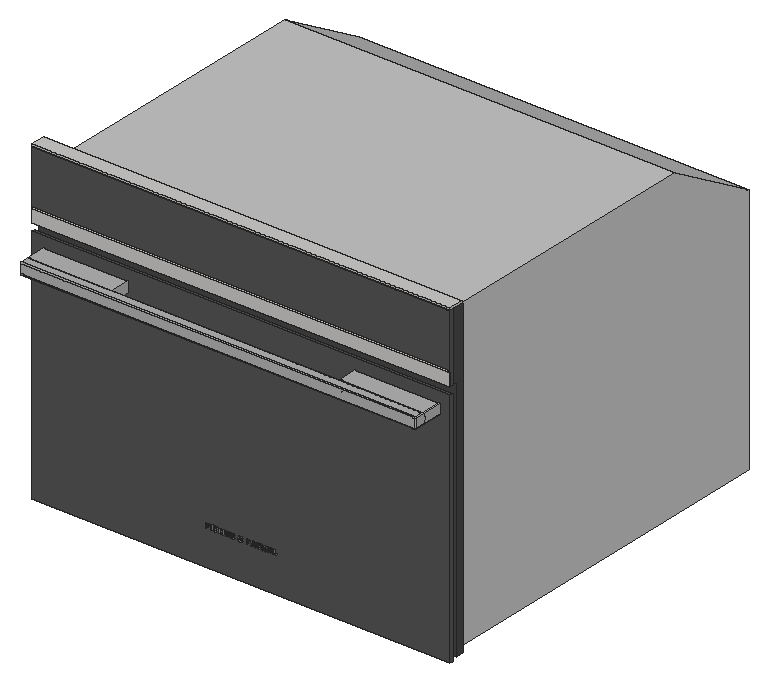
Revit family "FP_Revit_18_OM24NDB1_Microwave_Oven_90000811A", category Specialty Equipment, Revit 2018
Family settings
  Round Connector Dimension = Use Diameter
  Part Type = Normal
  OmniClass Number = 23.40.40.14.17.31
  OmniClass Title = Small Specialized Cooking Equipment
  Work Plane-Based = No
  Always vertical = Yes
  Cut with Voids When Loaded = Yes
  Shared = No
  Room Calculation Point = No
Parameters (values of type "OM24NDB1")
  Visibility - Clearance Required = yes
  URL = "www.fisherpaykel.com"
  Product - Width = 596 mm  # constant formula
  Product - Height = 458 mm  # constant formula
  Product - Depth = 562 mm  # constant formula
  Model = "OM24NDB1"
  Material - Trim = Fisher & Paykel - Stainless Steel
  Material - Structure = Fisher & Paykel - Black
  Material - Handle = Fisher & Paykel - Aluminium
  Material - Glass = Fisher & Paykel - Glass, Black
  Material - Body = Fisher & Paykel - Grey
  Manufacturer = "Fisher & Paykel Appliances"
  FFL Offset [instance] = 860 mm
  Description = "24\" Microwave Oven"
  Connector Description - Electrical = "120/240 V or 12/208 V, 60 Hz, 13 or 14 A"
  Chassis - Width = 556 mm  # constant formula
  Chassis - Height = 446 mm  # constant formula
  Chassis - Depth = 540 mm  # constant formula
  Cavity - Width = 560 mm  # constant formula
  Cavity - Height = 460 mm  # constant formula
  Cavity - Depth = 560 mm  # constant formula
Reference planes
  plane 1 "Center (Front/Back)": y = 0
  plane 2: z = 0
  plane 3 "Center (Left/Right)": x = 0
  plane 4: z = 1320
  plane 5: z = 1318
  plane 6 "Product LHS": x = -298
  plane 7 "Product RHS": x = 298
  plane 8 "Product - Depth": y = 0
  plane 9 "Cavity LHS": x = -300
  plane 10 "Cavity RHS": x = 300
  plane 11 "Cavity - Depth": y = 560
  plane 12 "Front Face": y = -22
  plane 13 "Chassis - Height": z = 0
  plane 14 "Product Depth": y = 540
  plane 15 "FFL Offset": z = 860
Forms (mm)
  Extrusion 1, solid, material "Fisher & Paykel - Grey" <- "Material - Body"
    sketch origin (0, 0, 0) x (0, 1, 0) y (0, 0, 1)
      loop
        line (0, 1306) -> (0, 867.28) -> (5.16, 867.28) -> (5.16, 860) -> (534.187, 860) -> (534.187, 1217.991) -> (403.295, 1296.64) -> (24.316, 1296.64) -> (8.71, 1306) -> (0, 1306)
    from -278 to 278
  Extrusion 2, solid, material "Fisher & Paykel - Black" <- "Material - Structure", detail levels fine
    sketch origin (0, 0, 0) x (0, 1, 0) y (0, 0, 1)
      loop
        line (0, 1313.9) -> (-2, 1313.9) -> (-2, 1315) -> (-18, 1315) -> (-18, 1218) -> (-9.89, 1218) -> (-9.89, 867.28) -> (0, 867.28) -> (0, 1313.9)
    from -298 to 298
  Extrusion 3, solid, material "Fisher & Paykel - Stainless Steel" <- "Material - Trim", detail levels fine
    sketch origin (0, 0, 0) x (0, 1, 0) y (0, 0, 1)
      loop
        line (-22, 1318) -> (-22, 1315) -> (-2, 1315) -> (-2, 1318) -> (-22, 1318)
    from -298 to 298
  Extrusion 4, solid, material "Fisher & Paykel - Glass, Black" <- "Material - Glass", detail levels fine
    sketch origin (0, 0, 0) x (0, 1, 0) y (0, 0, 1)
      loop
        line (-18, 1315) -> (-20.262, 1315)
        arc (-20.262, 1315) -> (-21.236, 1314.682) -> (-22, 1314) r 2.5
        line (-22, 1314) -> (-22, 1218) -> (-18, 1218) -> (-18, 1315)
    from -298 to 298
  Extrusion 5, solid, material "Fisher & Paykel - Glass, Black" <- "Material - Glass", detail levels fine
    sketch origin (0, 0, 0) x (0, 1, 0) y (0, 0, 1)
      loop
        line (-22, 1206.53) -> (-22, 864.53) -> (-18, 864.53) -> (-18, 1206.53) -> (-22, 1206.53)
    from -298 to 298
  Extrusion 6, solid, material "Fisher & Paykel - Black" <- "Material - Structure", detail levels fine
    sketch origin (0, 0, 0) x (0, 1, 0) y (0, 0, 1)
      loop
        line (-18, 1189.33) -> (-18, 867.28) -> (-9.89, 867.28) -> (-9.89, 1189.33) -> (-18, 1189.33)
    from -278 to 278
  Extrusion 7, void
    sketch origin (0, 0, 0) x (1, 0, 0) y (0, 0, 1)
      loop
        line (-158.462, 1012.91) -> (-229.24, 1012.91)
        arc (-229.24, 1012.91) -> (-232.776, 1011.446) -> (-234.24, 1007.91) r 5
        line (-234.24, 1007.91) -> (-234.24, 915.13)
        arc (-234.24, 915.13) -> (-232.776, 911.594) -> (-229.24, 910.13) r 5
        line (-229.24, 910.13) -> (-158.462, 910.13)
        arc (-158.462, 910.13) -> (-154.926, 911.594) -> (-153.462, 915.13) r 5
        line (-153.462, 915.13) -> (-153.462, 1007.91)
        arc (-153.462, 1007.91) -> (-154.926, 1011.446) -> (-158.462, 1012.91) r 5
    from -539.6 to -521.6
  Sweep 8, void
    path in 3D
      loop
        arc (-153.462, 521.6, 915.13) -> (-154.926, 521.6, 911.594) -> (-158.462, 521.6, 910.13) r 5
        line (-158.462, 521.6, 910.13) -> (-229.24, 521.6, 910.13)
        arc (-229.24, 521.6, 910.13) -> (-232.776, 521.6, 911.594) -> (-234.24, 521.6, 915.13) r 5
        line (-234.24, 521.6, 915.13) -> (-234.24, 521.6, 1007.91)
        arc (-234.24, 521.6, 1007.91) -> (-232.776, 521.6, 1011.446) -> (-229.24, 521.6, 1012.91) r 5
        line (-229.24, 521.6, 1012.91) -> (-158.462, 521.6, 1012.91)
        arc (-158.462, 521.6, 1012.91) -> (-154.926, 521.6, 1011.446) -> (-153.462, 521.6, 1007.91) r 5
        line (-153.462, 521.6, 1007.91) -> (-153.462, 521.6, 915.13)
    profile origin (-153.462, 521.6, 961.52) x (-1, 0, 0) y (0, -1, 0)
      loop
        line (0, 0) -> (-21.3, -12.587) -> (0, -12.587) -> (0, 0)
  Extrusion 9, solid, material "Fisher & Paykel - Grey" <- "Material - Body", detail levels medium+fine
    sketch origin (0, 0, -140) x (1, 0, 0) y (0, 0, 1)
      loop
        line (-175.354, 1115.273) -> (-212.354, 1115.273) -> (-212.354, 1057.273) -> (-175.354, 1057.273) -> (-175.354, 1115.273)
    from -540 to -521.6
  Extrusion 10, solid, material "Fisher & Paykel - Stainless Steel" <- "Material - Trim", detail levels fine
    sketch origin (0, 0, 0) x (0, 1, 0) y (0, 0, 1)
      loop
        line (-22, 1218) -> (-22, 1237.8) -> (-22.8, 1237.8) -> (-23.7, 1235.5) -> (-23.7, 1218) -> (-22, 1218)
    from -298 to 298
  Extrusion 11, solid, material "Fisher & Paykel - Clearance Required", visible <- "Visibility - Clearance Required", detail levels coarse
    sketch origin (0, 0, 0) x (1, 0, 0) y (0, 1, 0)
      loop
        line (-280, 0) -> (280, 0) -> (280, 548.619) -> (-280, 548.619) -> (-280, 0)
    from 860 to 1320
  Extrusion 12, solid, material "Fisher & Paykel - Clearance Required", visible <- "Visibility - Clearance Required", detail levels coarse
    sketch origin (0, 0, 0) x (0, 1, 0) y (0, 0, 1)
      loop
        arc (-22, 1206.53) -> (-241.159, 1121.206) -> (-341.563, 908.532) r 317.644
        line (-341.563, 908.532) -> (-326.406, 906.445) -> (-332.106, 865.048) -> (-316.871, 862.951) -> (-311.171, 904.347) -> (-22, 864.53) -> (-22, 860) -> (0, 860) -> (0, 1320) -> (-22, 1320) -> (-22, 1206.53)
    from -300 to 300
  Sweep 13, solid, material "Fisher & Paykel - Grey" <- "Material - Body", detail levels fine
    path origin (0, 0, -140) x (0, 1, 0) y (0, 0, 1)
      loop
        arc (530.8, 1057.273) -> (536.019, 1044.673) -> (548.619, 1039.454) r 17.819
    profile origin (0, 536.019, 904.673) x (0, 0.707107, 0.707107) y (1, 0, 0)
      loop
        circle (0, -193.854) r 5
  Extrusion 14, solid, material "Fisher & Paykel - Glass, Black" <- "Material - Glass", detail levels coarse+medium
    sketch origin (0, 0, 0) x (0, 1, 0) y (0, 0, 1)
      loop
        line (-22, 1318) -> (-22, 1218) -> (-9.89, 1218) -> (-9.89, 1189.33) -> (-18, 1189.33) -> (-18, 1206.53) -> (-22, 1206.53) -> (-22, 864.53) -> (-18, 864.53) -> (-18, 867.28) -> (0, 867.28) -> (0, 1313.9) -> (-2, 1313.9) -> (-2, 1318) -> (-22, 1318)
    from -298 to 298
  Extrusion 15, solid, material "Fisher & Paykel - Grey" <- "Material - Body", not visible, detail levels medium+fine
    sketch origin (0, 0, 0) x (1, 0, 0) y (0, 0, 1)
      loop
        line (-175.354, 1115.273) -> (-212.354, 1115.273) -> (-212.354, 1057.273) -> (-175.354, 1057.273) -> (-175.354, 1115.273)
    from -540 to -521.6
  Sweep 16, solid, material "Fisher & Paykel - Grey" <- "Material - Body", not visible, detail levels fine
    path origin (0, 0, 0) x (0, 1, 0) y (0, 0, 1)
      loop
        arc (530.8, 1057.273) -> (536.019, 1044.673) -> (548.619, 1039.454) r 17.819
    profile origin (0, 536.019, 1044.673) x (0, 0.707107, 0.707107) y (1, 0, 0)
      loop
        circle (0, -193.854) r 5
  Extrusion 17, void
    sketch origin (0, 0, 0) x (1, 0, 0) y (0, 1, 0)
      loop
        line (-280, 0) -> (280, 0) -> (280, 548.619) -> (-280, 548.619) -> (-280, 0)
    from 860 to 1320
  Extrusion 18, solid, material "Fisher & Paykel - Clearance Required", visible <- "Visibility - Clearance Required", detail levels coarse
    sketch origin (0, 0, 0) x (0, 1, 0) y (0, 0, 1)
      loop
        arc (-22, 1206.53) -> (-241.159, 1121.206) -> (-341.563, 908.532) r 317.644
        line (-341.563, 908.532) -> (-326.406, 906.445) -> (-332.106, 865.048) -> (-316.871, 862.951) -> (-311.171, 904.347) -> (-22, 864.53) -> (-22, 860) -> (0, 860) -> (0, 1320) -> (-22, 1320) -> (-22, 1206.53)
    from -300 to 300
  Extrusion 19, void
    sketch origin (0, 0, 0) x (0, 1, 0) y (0, 0, 1)
      loop
        line (-22, 1320) -> (-22, 860) -> (0, 860) -> (0, 1320) -> (-22, 1320)
    from -300 to 300
Cuts and joins
  Extrusion 7, Sweep 8 cuts Extrusion 1
  Extrusion 7 cuts Extrusion 2
  Extrusion 7 cuts Extrusion 5
  Extrusion 7 cuts Extrusion 6
Lines and regions (mm)
  sketch lines
    curve 1: line (-153.462, 521.6, 1007.91) -> (-153.462, 521.6, 915.13)
    curve 2: arc (-153.462, 521.6, 1007.91) -> (-154.926, 521.6, 1011.446) -> (-158.462, 521.6, 1012.91) r 5
    curve 3: line (-229.24, 521.6, 1012.91) -> (-158.462, 521.6, 1012.91)
    curve 4: arc (-229.24, 521.6, 1012.91) -> (-232.776, 521.6, 1011.446) -> (-234.24, 521.6, 1007.91) r 5
    curve 5: line (-234.24, 521.6, 915.13) -> (-234.24, 521.6, 1007.91)
    curve 6: arc (-234.24, 521.6, 915.13) -> (-232.776, 521.6, 911.594) -> (-229.24, 521.6, 910.13) r 5
    curve 7: arc (-158.462, 521.6, 910.13) -> (-154.926, 521.6, 911.594) -> (-153.462, 521.6, 915.13) r 5
    curve 8: line (-158.462, 521.6, 910.13) -> (-229.24, 521.6, 910.13)
Text (mm)
  text "Due to ongoing product development, product details are subject to change without notice. \nPlease always refer to www.fisherpaykel.com for the most current product information. \n© Fisher & Paykel 2020" at (41.04, -413.295, 0), in view "Ref. Level (Plan)"
Dimensions and locks
  equal spacing: plane 6 "Product LHS", plane 3 "Center (Left/Right)", plane 7 "Product RHS"
  "Product - Width": plane 6 "Product LHS" to plane 7 "Product RHS"
  equal spacing: plane 9 "Cavity LHS", plane 3 "Center (Left/Right)", plane 10 "Cavity RHS"
  locked: plane 9 "Cavity LHS" to plane 10 "Cavity RHS" at 600
  "Cavity - Depth": plane 11 "Cavity - Depth" to plane 1 "Center (Front/Back)"
  locked: plane 12 "Front Face" to plane 1 "Center (Front/Back)" at 22
  "Chassis - Depth": plane 1 "Center (Front/Back)" to plane 14 "Product Depth"
  Extrusion 1 sketch curve to plane 14 "Product Depth" = 5.813 mm
  equal spacing: cut or joined group of Extrusion 1, Extrusion 7, Sweep 8, plane 3 "Center (Left/Right)", cut or joined group of Extrusion 1, Extrusion 7, Sweep 8
  "Chassis - Width": cut or joined group of Extrusion 1, Extrusion 7, Sweep 8 to cut or joined group of Extrusion 1, Extrusion 7, Sweep 8
  "FFL Offset": plane 15 "FFL Offset" to level
  locked: nested 2 to plane 15 "FFL Offset" at 61.04
  locked: cut or joined group of Extrusion 1, Extrusion 7, Sweep 8 to plane 15 "FFL Offset" at 7.28
  locked: Extrusion 14 to plane 15 "FFL Offset" at 4.53
  locked: cut or joined group of Extrusion 1, Extrusion 7, Sweep 8 to plane 15 "FFL Offset" at 436.64
  "Chassis - Height": cut or joined group of Extrusion 1, Extrusion 7, Sweep 8 to plane 15 "FFL Offset"
  Extrusion 11 to plane 15 "FFL Offset" = 460 mm
  locked: plane 15 "FFL Offset" to Extrusion 9 at 57.273
  locked: plane 15 "FFL Offset" to cut or joined group of Extrusion 1, Extrusion 7, Sweep 8 at 50.13
  "Product - Height": plane 5 to plane 15 "FFL Offset"
  "Cavity - Height": plane 4 to plane 15 "FFL Offset"
  locked: nested 1 to plane 15 "FFL Offset" at 330.978
  locked: plane 5 to Extrusion 14 at 100
  locked: plane 5 to Extrusion 14 at 111.47
  locked: Extrusion 12 sketch curve to plane 15 "FFL Offset" at 4.53
  locked: plane 15 "FFL Offset" to Extrusion 7 sketch curve at 152.91
  locked: plane 15 "FFL Offset" to Extrusion 7 sketch curve at 50.13
  "Cavity - Width": Extrusion 17 to Extrusion 17
  aligned and locked: level to plane 2
  aligned and locked: Extrusion 3 sketch curve to plane 5
  aligned and locked: plane 6 "Product LHS" to Extrusion 5
  aligned and locked: Extrusion 5 to plane 7 "Product RHS"
  aligned and locked: Extrusion 4 to plane 7 "Product RHS"
  aligned and locked: plane 6 "Product LHS" to Extrusion 4
  aligned and locked: plane 6 "Product LHS" to Extrusion 3
  aligned and locked: Extrusion 3 to plane 7 "Product RHS"
  aligned and locked: plane 6 "Product LHS" to Extrusion 2
  aligned and locked: Extrusion 2 to plane 7 "Product RHS"
  aligned and locked: plane 14 "Product Depth" to Extrusion 9
  aligned and locked: cut or joined group of Extrusion 1, Extrusion 7, Sweep 8 to Extrusion 9
  aligned and locked: Extrusion 10 to plane 7 "Product RHS"
  aligned and locked: plane 6 "Product LHS" to Extrusion 10
  aligned and locked: Extrusion 14 to plane 7 "Product RHS"
  aligned and locked: plane 6 "Product LHS" to Extrusion 14
  aligned and locked: Extrusion 1 to plane 15 "FFL Offset"
  aligned and locked: Extrusion 11 to cut or joined group of Extrusion 1, Extrusion 7, Sweep 8
  aligned and locked: Extrusion 14 to cut or joined group of Extrusion 1, Extrusion 7, Sweep 8
  aligned and locked: Extrusion 2 to cut or joined group of Extrusion 1, Extrusion 7, Sweep 8
  aligned and locked: Extrusion 6 to cut or joined group of Extrusion 1, Extrusion 7, Sweep 8
  aligned and locked: plane 5 to Extrusion 3
  aligned and locked: plane 5 to Extrusion 14
  aligned and locked: Extrusion 10 to Extrusion 4
  aligned and locked: Extrusion 14 to Extrusion 4
  aligned and locked: Extrusion 4 to cut or joined group of Extrusion 2, Extrusion 7
  aligned and locked: Extrusion 5 to Extrusion 14  (x2)
  aligned and locked: plane 4 to Extrusion 11
  aligned and locked: Extrusion 11 to Sweep 13
  aligned and locked: Extrusion 12 sketch curve to plane 15 "FFL Offset"
  aligned and locked: Extrusion 12 sketch curve to plane 4
  aligned and locked: plane 4 to Extrusion 17
  aligned and locked: Extrusion 17 to cut or joined group of Extrusion 1, Extrusion 7, Sweep 8
  aligned and locked: plane 15 "FFL Offset" to Extrusion 19 sketch curve
  aligned and locked: Extrusion 19 sketch curve to plane 4
Automatic sketch dimensions
  Extrusion 9 sketch curve to Extrusion 9 sketch curve = 37 mm
  Extrusion 9 sketch curve to Extrusion 9 sketch curve = 58 mm
  Sweep 13 sketch curve to profile plane = 0 mm
  Sweep 13 sketch curve to Sweep 13 sketch curve = 17.819 mm
  Sweep 13 sketch curve to profile plane = 193.854 mm
  Extrusion 15 sketch curve to Extrusion 15 sketch curve = 37 mm
  Extrusion 15 sketch curve to Extrusion 15 sketch curve = 58 mm
  Sweep 16 sketch curve to profile plane = 0 mm
  Sweep 16 sketch curve to Sweep 16 sketch curve = 17.819 mm
  Sweep 16 sketch curve to profile plane = 193.854 mm
  Extrusion 1 sketch curve to plane 1 "Center (Front/Back)" = 0 mm
  Extrusion 1 sketch curve to plane 15 "FFL Offset" = 0 mm
  Extrusion 1 sketch curve to plane 1 "Center (Front/Back)" = 5.16 mm
  Extrusion 1 sketch curve to Extrusion 1 sketch curve = 8.71 mm
  Extrusion 1 sketch curve to Extrusion 1 sketch curve = 15.606 mm
  Extrusion 1 sketch curve to plane 5 = 21.36 mm
  Extrusion 1 sketch curve to plane 14 "Product Depth" = 136.705 mm
  Extrusion 1 sketch curve to Extrusion 1 sketch curve = 7.28 mm
  Extrusion 1 sketch curve to plane 5 = 100.009 mm
  Extrusion 1 sketch curve to plane 5 = 12 mm
  Extrusion 2 sketch curve to plane 1 "Center (Front/Back)" = 0 mm
  plane 1 "Center (Front/Back)" to Extrusion 2 sketch curve = 2 mm
  plane 1 "Center (Front/Back)" to Extrusion 2 sketch curve = 9.89 mm
  plane 12 "Front Face" to Extrusion 2 sketch curve = 4 mm
  plane 15 "FFL Offset" to Extrusion 2 sketch curve = 7.28 mm
  Extrusion 2 sketch curve to plane 5 = 100 mm
  Extrusion 2 sketch curve to plane 5 = 4.1 mm
  Extrusion 2 sketch curve to Extrusion 2 sketch curve = 1.1 mm
  Extrusion 3 sketch curve to plane 12 "Front Face" = 0 mm
  plane 1 "Center (Front/Back)" to Extrusion 3 sketch curve = 2 mm
  Extrusion 3 sketch curve to plane 5 = 3 mm
  Extrusion 4 sketch curve to plane 12 "Front Face" = 0 mm
  plane 12 "Front Face" to Extrusion 4 sketch curve = 1.738 mm
  plane 12 "Front Face" to Extrusion 4 sketch curve = 2.011 mm
  plane 12 "Front Face" to Extrusion 4 sketch curve = 4 mm
  Extrusion 4 sketch curve to plane 5 = 100 mm
  Extrusion 4 sketch curve to plane 5 = 5.485 mm
  Extrusion 4 sketch curve to Extrusion 4 sketch curve = 1.485 mm
  Extrusion 5 sketch curve to plane 12 "Front Face" = 0 mm
  plane 12 "Front Face" to Extrusion 5 sketch curve = 4 mm
  plane 15 "FFL Offset" to Extrusion 5 sketch curve = 4.53 mm
  Extrusion 5 sketch curve to plane 5 = 111.47 mm
  plane 12 "Front Face" to Extrusion 6 sketch curve = 4 mm
  Extrusion 6 sketch curve to Extrusion 6 sketch curve = 8.11 mm
  plane 15 "FFL Offset" to Extrusion 6 sketch curve = 7.28 mm
  Extrusion 6 sketch curve to plane 5 = 128.67 mm
  Extrusion 7 sketch curve to plane 6 "Product LHS" = 63.76 mm
  Extrusion 7 sketch curve to Extrusion 7 sketch curve = 5 mm  (x3)
  Extrusion 7 sketch curve to Extrusion 7 sketch curve = 70.778 mm  (x2)
  Sweep 8 sketch curve to profile plane = 0 mm  (x2)
  Sweep 8 sketch curve to profile plane = 21.3 mm
  profile plane to Sweep 8 sketch curve = 12.587 mm
  Extrusion 10 sketch curve to plane 12 "Front Face" = 0 mm
  Extrusion 10 sketch curve to Extrusion 10 sketch curve = 0.8 mm
  Extrusion 10 sketch curve to plane 12 "Front Face" = 1.7 mm
  Extrusion 10 sketch curve to plane 5 = 100 mm
  Extrusion 10 sketch curve to Extrusion 10 sketch curve = 17.5 mm
  Extrusion 10 sketch curve to Extrusion 10 sketch curve = 2.3 mm
  plane 1 "Center (Front/Back)" to Extrusion 11 sketch curve = 0 mm
  plane 14 "Product Depth" to Extrusion 11 sketch curve = 8.619 mm
  Extrusion 11 sketch curve to plane 6 "Product LHS" = 18 mm
  plane 7 "Product RHS" to Extrusion 11 sketch curve = 18 mm
  Extrusion 12 sketch curve to plane 12 "Front Face" = 0 mm  (x2)
  Extrusion 12 sketch curve to plane 1 "Center (Front/Back)" = 0 mm
  Extrusion 12 sketch curve to plane 12 "Front Face" = 2.526 mm
  plane 15 "FFL Offset" to Extrusion 12 sketch curve = 44.347 mm
  Extrusion 12 sketch curve to Extrusion 12 sketch curve = 286.644 mm
  plane 15 "FFL Offset" to Extrusion 12 sketch curve = 2.951 mm
  plane 15 "FFL Offset" to Extrusion 12 sketch curve = 46.445 mm
  Extrusion 12 sketch curve to Extrusion 12 sketch curve = 15.235 mm
  plane 15 "FFL Offset" to Extrusion 12 sketch curve = 48.532 mm
  Extrusion 12 sketch curve to Extrusion 12 sketch curve = 24.366 mm
  Extrusion 14 sketch curve to plane 5 = 0 mm
  Extrusion 14 sketch curve to plane 12 "Front Face" = 0 mm  (x2)
  Extrusion 14 sketch curve to plane 1 "Center (Front/Back)" = 0 mm
  plane 12 "Front Face" to Extrusion 14 sketch curve = 4 mm  (x2)
  plane 1 "Center (Front/Back)" to Extrusion 14 sketch curve = 9.89 mm
  plane 1 "Center (Front/Back)" to Extrusion 14 sketch curve = 2 mm
  Extrusion 14 sketch curve to plane 5 = 4.1 mm
  Extrusion 14 sketch curve to Extrusion 14 sketch curve = 95.9 mm
  Extrusion 14 sketch curve to Extrusion 14 sketch curve = 11.47 mm
  Extrusion 14 sketch curve to Extrusion 14 sketch curve = 17.2 mm
  plane 15 "FFL Offset" to Extrusion 14 sketch curve = 7.28 mm
  Extrusion 14 sketch curve to Extrusion 14 sketch curve = 2.75 mm
  plane 1 "Center (Front/Back)" to Extrusion 17 sketch curve = 0 mm
  plane 14 "Product Depth" to Extrusion 17 sketch curve = 8.619 mm
  Extrusion 17 sketch curve to plane 6 "Product LHS" = 18 mm
  plane 7 "Product RHS" to Extrusion 17 sketch curve = 18 mm
  Extrusion 18 sketch curve to plane 12 "Front Face" = 0 mm  (x2)
  Extrusion 18 sketch curve to plane 1 "Center (Front/Back)" = 0 mm
  Extrusion 18 sketch curve to plane 15 "FFL Offset" = 0 mm
  Extrusion 18 sketch curve to plane 4 = 0 mm
  Extrusion 18 sketch curve to plane 12 "Front Face" = 2.526 mm
  plane 15 "FFL Offset" to Extrusion 18 sketch curve = 44.347 mm
  Extrusion 18 sketch curve to Extrusion 18 sketch curve = 286.644 mm
  plane 15 "FFL Offset" to Extrusion 18 sketch curve = 2.951 mm
  Extrusion 18 sketch curve to Extrusion 18 sketch curve = 5.7 mm
  plane 15 "FFL Offset" to Extrusion 18 sketch curve = 46.445 mm
  Extrusion 18 sketch curve to Extrusion 18 sketch curve = 15.235 mm
  plane 15 "FFL Offset" to Extrusion 18 sketch curve = 48.532 mm
  Extrusion 18 sketch curve to Extrusion 18 sketch curve = 24.366 mm
  Extrusion 19 sketch curve to plane 12 "Front Face" = 0 mm
  Extrusion 19 sketch curve to plane 1 "Center (Front/Back)" = 0 mm
  radius of Sweep 13 sketch curve = 5 mm
  radius of Sweep 16 sketch curve = 5 mm
Nested families
  nested 1: "F&P Handle Contemporary Square OB60-24" at (0, -22, 1183), type "Aluminium"
  nested 2: "F&P Logo 100mm" at (0, -22, 915), type "F&P Logo 100mm"
Connectors
  electrical at (-193.854, 548.619, 899.454), driven by "Connector Description - Electrical"
    settings: on Sweep 13, index 1, voltage 120 V, apparent load 0 VA, apparent load phase1 0 VA, apparent load phase2 0 VA, apparent load phase3 0 VA, power factor 1, load classification "Other", number of poles 1, system type 30, power factor state 1, is connector primary yes, connector utility no, sub classification motor no, connector description "120/240 V or 12/208 V, 60 Hz, 13 or 14 A"
Definition of nested family "F&P Handle Contemporary Square OB60-24"
  Parameters (values of type "Aluminium Dark")
    URL = "www.fisherpaykel.com"
    Material - Handle = none
    Manufacturer = "Fisher & Paykel Appliances"
    Handle - Length = 565 mm
  Types (2): name
    Aluminium
    Aluminium Dark
  Reference planes
    plane 1 "Center (Front/Back)": y = 0
    plane 2: z = 0
    plane 3 "Center (Left/Right)": x = 0
    plane 4 "Product LHS": x = -282.5
    plane 5 "Product RHS": x = 282.5
    plane 6 "LHS Standoff": x = -162.495
    plane 7 "RHS Standoff": x = 162.505
  Forms (mm)
    Extrusion 1, solid, material <- "Material - Handle", detail levels fine
      sketch origin (0, 0, 0) x (0, 1, 0) y (0, 0, 1)
        loop
          arc (-28.701, 7.561) -> (-29.057, 7.868) -> (-29.514, 7.978) r 1
          line (-29.514, 7.978) -> (-40.5, 7.978)
          arc (-40.5, 7.978) -> (-41.561, 7.539) -> (-42, 6.478) r 1.5
          line (-42, 6.478) -> (-42, -6.522)
          arc (-42, -6.522) -> (-41.561, -7.583) -> (-40.5, -8.022) r 1.5
          line (-40.5, -8.022) -> (-29.487, -8.022)
          arc (-29.487, -8.022) -> (-29.029, -7.911) -> (-28.673, -7.602) r 1
          arc (-28.673, -7.602) -> (-26.256, -0.016) -> (-28.701, 7.561) r 13.038
      from -282.5 to 282.5
    Extrusion 2, solid, material <- "Material - Handle", detail levels fine
      sketch origin (0, 0, 0) x (0, 1, 0) y (0, 0, 1)
        loop
          arc (-28.23, 7.062) -> (-26.156, 0.008) -> (-28.198, -7.056) r 13.136
          arc (-28.198, -7.056) -> (-28.21, -7.463) -> (-27.86, -7.67) r 0.4
          line (-27.86, -7.67) -> (0, -7.67) -> (0, 7.678) -> (-27.893, 7.678)
          arc (-27.893, 7.678) -> (-28.244, 7.47) -> (-28.23, 7.062) r 0.4
      from 162.505 to 282.5
    Extrusion 3, solid, material <- "Material - Handle", detail levels fine
      sketch origin (0, 0, 0) x (0, 1, 0) y (0, 0, -1)
        loop
          arc (-28.23, -7.062) -> (-28.244, -7.47) -> (-27.893, -7.678) r 0.4
          line (-27.893, -7.678) -> (0, -7.678) -> (0, 7.67) -> (-27.86, 7.67)
          arc (-27.86, 7.67) -> (-28.21, 7.463) -> (-28.198, 7.056) r 0.4
          arc (-28.198, 7.056) -> (-26.156, -0.008) -> (-28.23, -7.062) r 13.136
      from 162.495 to 282.5
    Sweep 4, void
      path in 3D
        loop
          line (282.5, -29.514, 7.978) -> (282.5, -40.5, 7.978)
          arc (282.5, -40.5, 7.978) -> (282.5, -41.561, 7.539) -> (282.5, -42, 6.478) r 1.5
          line (282.5, -42, 6.478) -> (282.5, -42, -6.522)
          arc (282.5, -42, -6.522) -> (282.5, -41.561, -7.583) -> (282.5, -40.5, -8.022) r 1.5
          line (282.5, -40.5, -8.022) -> (282.5, -29.487, -8.022)
      profile origin (282.5, -35.007, 7.978) x (1, 0, 0) y (0, 0, 1)
        loop
          line (0, 0) -> (-1.3, 0) -> (0, -1.3) -> (0, 0)
    Sweep 5, void
      path in 3D
        loop
          line (-282.5, -29.487, -8.022) -> (-282.5, -40.5, -8.022)
          arc (-282.5, -40.5, -8.022) -> (-282.5, -41.561, -7.583) -> (-282.5, -42, -6.522) r 1.5
          line (-282.5, -42, -6.522) -> (-282.5, -42, 6.478)
          arc (-282.5, -42, 6.478) -> (-282.5, -41.561, 7.539) -> (-282.5, -40.5, 7.978) r 1.5
          line (-282.5, -40.5, 7.978) -> (-282.5, -29.514, 7.978)
      profile origin (-282.5, -35.007, 7.978) x (-1, 0, 0) y (0, 0, 1)
        loop
          line (0, 0) -> (-1.3, 0) -> (0, -1.3) -> (0, 0)
    Extrusion 6, void
      sketch origin (0, 0, 0) x (1, 0, 0) y (0, 0, 1)
        loop
          line (282.5, 7.978) -> (281.2, 7.978) -> (282.5, 6.678) -> (282.5, 7.978)
        loop
          line (282.5, -8.022) -> (282.5, -6.722) -> (281.2, -8.022) -> (282.5, -8.022)
      from 0 to 40
    Extrusion 7, void
      sketch origin (0, 0, 0) x (1, 0, 0) y (0, 0, 1)
        loop
          line (-282.5, 7.978) -> (-282.5, 6.678) -> (-281.2, 7.978) -> (-282.5, 7.978)
        loop
          line (-282.5, -8.022) -> (-281.2, -8.022) -> (-282.5, -6.722) -> (-282.5, -8.022)
      from 0 to 40
    Extrusion 8, solid, material <- "Material - Handle", detail levels coarse+medium
      sketch origin (0, 0, 0) x (1, 0, 0) y (0, 1, 0)
        loop
          line (-282.5, -42) -> (282.5, -42) -> (282.5, 0) -> (162.505, 0) -> (162.505, -26.156) -> (-162.495, -26.156) -> (-162.495, 0) -> (-282.5, 0) -> (-282.5, -42)
      from -8.022 to 7.978
  Cuts and joins
    Sweep 4, Sweep 5, Extrusion 6, Extrusion 7 cuts Extrusion 1
    Extrusion 6 cuts Extrusion 2
    Extrusion 7 cuts Extrusion 3
  Lines and regions (mm)
    sketch lines
      curve 1: line (282.5, -29.514, 7.978) -> (282.5, -40.5, 7.978)
      curve 2: arc (282.5, -42, 6.478) -> (282.5, -41.561, 7.539) -> (282.5, -40.5, 7.978) r 1.5
      curve 3: line (282.5, -42, 6.478) -> (282.5, -42, -6.522)
      curve 4: arc (282.5, -40.5, -8.022) -> (282.5, -41.561, -7.583) -> (282.5, -42, -6.522) r 1.5
      curve 5: line (282.5, -40.5, -8.022) -> (282.5, -29.487, -8.022)
      curve 6: line (-282.5, -40.5, 7.978) -> (-282.5, -29.514, 7.978)
      curve 7: arc (-282.5, -40.5, 7.978) -> (-282.5, -41.561, 7.539) -> (-282.5, -42, 6.478) r 1.5
      curve 8: line (-282.5, -42, -6.522) -> (-282.5, -42, 6.478)
      curve 9: arc (-282.5, -42, -6.522) -> (-282.5, -41.561, -7.583) -> (-282.5, -40.5, -8.022) r 1.5
      curve 10: line (-282.5, -29.487, -8.022) -> (-282.5, -40.5, -8.022)
  Dimensions and locks
    equal spacing: plane 4 "Product LHS", plane 3 "Center (Left/Right)", plane 5 "Product RHS"
    "Handle - Length": plane 4 "Product LHS" to plane 5 "Product RHS"
    locked: plane 4 "Product LHS" to plane 6 "LHS Standoff" at 120.005
    locked: plane 7 "RHS Standoff" to plane 5 "Product RHS" at 119.995
    aligned and locked: level to plane 2
    aligned and locked: Extrusion 1 to plane 5 "Product RHS"
    aligned and locked: plane 4 "Product LHS" to Extrusion 1
    aligned and locked: Extrusion 2 to plane 5 "Product RHS"
    aligned and locked: plane 4 "Product LHS" to Extrusion 3
    aligned and locked: plane 4 "Product LHS" to Extrusion 8 sketch curve
    aligned and locked: Extrusion 8 sketch curve to plane 5 "Product RHS"
    aligned and locked: Extrusion 8 sketch curve to plane 7 "RHS Standoff"
    aligned and locked: plane 6 "LHS Standoff" to Extrusion 8 sketch curve
    aligned and locked: Extrusion 2 to plane 7 "RHS Standoff"
    aligned and locked: plane 6 "LHS Standoff" to Extrusion 3
  Automatic sketch dimensions
    Extrusion 1 sketch curve to level = 6.522 mm
    plane 1 "Center (Front/Back)" to Extrusion 1 sketch curve = 42 mm
    Extrusion 1 sketch curve to Extrusion 1 sketch curve = 1.5 mm  (x2)
    Extrusion 1 sketch curve to level = 0.04 mm
    Extrusion 1 sketch curve to Extrusion 1 sketch curve = 1.206 mm
    level to Extrusion 1 sketch curve = 6.978 mm
    Extrusion 1 sketch curve to Extrusion 1 sketch curve = 10.986 mm
    Extrusion 1 sketch curve to Extrusion 1 sketch curve = 11.013 mm
    Extrusion 1 sketch curve to Extrusion 1 sketch curve = 1 mm
    level to Extrusion 1 sketch curve = 6.478 mm
    Extrusion 1 sketch curve to Extrusion 1 sketch curve = 0 mm
    Extrusion 2 sketch curve to plane 1 "Center (Front/Back)" = 0 mm
    Extrusion 2 sketch curve to level = 7.67 mm
    Extrusion 2 sketch curve to Extrusion 2 sketch curve = 27.86 mm
    level to Extrusion 2 sketch curve = 7.678 mm
    Extrusion 2 sketch curve to Extrusion 2 sketch curve = 0.033 mm
    Extrusion 2 sketch curve to level = 0.022 mm
    Extrusion 2 sketch curve to Extrusion 2 sketch curve = 11.398 mm
    Extrusion 2 sketch curve to Extrusion 2 sketch curve = 0.4 mm  (x2)
    Extrusion 2 sketch curve to Extrusion 2 sketch curve = 0 mm
    Extrusion 3 sketch curve to plane 1 "Center (Front/Back)" = 0 mm
    Extrusion 3 sketch curve to level = 7.67 mm
    Extrusion 3 sketch curve to Extrusion 3 sketch curve = 27.86 mm
    level to Extrusion 3 sketch curve = 7.678 mm
    Extrusion 3 sketch curve to Extrusion 3 sketch curve = 0.033 mm
    Extrusion 3 sketch curve to level = 0.022 mm
    Extrusion 3 sketch curve to Extrusion 3 sketch curve = 11.398 mm
    Extrusion 3 sketch curve to Extrusion 3 sketch curve = 0.4 mm  (x2)
    Extrusion 3 sketch curve to Extrusion 3 sketch curve = 0 mm
    profile plane to Sweep 4 sketch curve = 0 mm
    Sweep 4 sketch curve to profile plane = 0 mm
    Sweep 4 sketch curve to profile plane = 1.3 mm
    profile plane to Sweep 4 sketch curve = 1.3 mm
    Sweep 5 sketch curve to profile plane = 0 mm  (x2)
    profile plane to Sweep 5 sketch curve = 1.3 mm
    Sweep 5 sketch curve to profile plane = 1.3 mm
    plane 5 "Product RHS" to Extrusion 6 sketch curve = 0 mm  (x2)
    Extrusion 6 sketch curve to Extrusion 6 sketch curve = 1.3 mm  (x4)
    Extrusion 6 sketch curve to level = 6.722 mm
    level to Extrusion 6 sketch curve = 6.678 mm
    plane 4 "Product LHS" to Extrusion 7 sketch curve = 0 mm  (x2)
    Extrusion 7 sketch curve to plane 4 "Product LHS" = 1.3 mm  (x2)
    Extrusion 7 sketch curve to level = 8.022 mm
    level to Extrusion 7 sketch curve = 6.678 mm
    Extrusion 7 sketch curve to Extrusion 7 sketch curve = 1.3 mm  (x2)
    plane 1 "Center (Front/Back)" to Extrusion 8 sketch curve = 0 mm  (x2)
    Extrusion 8 sketch curve to Extrusion 8 sketch curve = 26.156 mm
    Extrusion 8 sketch curve to Extrusion 8 sketch curve = 42 mm
Definition of nested family "F&P Logo 100mm"
  Parameters (values of type "F&P Logo 100mm")
    URL = "www.fisherpaykel.com"
    Material - Logo = none
    Manufacturer = "Fisher & Paykel Appliances"
  Reference planes
    plane 1 "Center (Front/Back)": y = 0
    plane 2: z = 0
    plane 3 "Center (Left/Right)": x = 0
  Forms (mm)
    Extrusion 1, solid, material <- "Material - Logo", detail levels fine
      sketch origin (0, 0, 0) x (1, 0, 0) y (0, 0, 1)
        loop
          line (-50.044, 0) -> (-48.47, 0) -> (-48.47, 2.138) -> (-46.011, 2.138) -> (-46.011, 3.472) -> (-48.47, 3.472) -> (-48.47, 4.712) -> (-45.795, 4.712) -> (-45.795, 6.04) -> (-50.044, 6.04) -> (-50.044, 0)
        loop
          line (-42.804, 6.04) -> (-42.804, 0) -> (-41.23, 0) -> (-41.23, 6.04) -> (-42.804, 6.04)
        loop
          line (-30.724, 6.04) -> (-30.724, 0) -> (-29.151, 0) -> (-29.151, 2.42) -> (-26.839, 2.42) -> (-26.839, 0) -> (-25.265, 0) -> (-25.265, 6.04) -> (-26.839, 6.04) -> (-26.839, 3.748) -> (-29.151, 3.748) -> (-29.151, 6.04) -> (-30.724, 6.04)
        loop
          line (-21.906, 6.04) -> (-21.906, 0) -> (-17.602, 0) -> (-17.602, 1.328) -> (-20.347, 1.328) -> (-20.347, 2.42) -> (-17.838, 2.42) -> (-17.838, 3.748) -> (-20.347, 3.748) -> (-20.347, 4.712) -> (-17.602, 4.712) -> (-17.602, 6.04) -> (-21.906, 6.04)
        loop
          line (45.667, 6.04) -> (45.667, 0) -> (49.956, 0) -> (49.956, 1.328) -> (47.241, 1.328) -> (47.241, 6.04) -> (45.667, 6.04)
        loop
          line (42.431, 6.04) -> (38.112, 6.04) -> (38.112, 0) -> (42.431, 0) -> (42.431, 1.328) -> (39.687, 1.328) -> (39.687, 2.42) -> (42.195, 2.42) -> (42.195, 3.748) -> (39.687, 3.748) -> (39.687, 4.712) -> (42.431, 4.712) -> (42.431, 6.04)
        loop
          line (33.451, 3.148) -> (35.683, 6.04) -> (33.844, 6.04) -> (31.915, 3.542) -> (31.915, 6.04) -> (30.342, 6.04) -> (30.342, 0) -> (31.915, 0) -> (31.915, 2.705) -> (33.903, 0) -> (35.763, 0) -> (33.451, 3.148)
        loop
          line (21.98, 6.04) -> (24.262, 2.42) -> (24.262, 0) -> (25.837, 0) -> (25.837, 2.341) -> (28.119, 6.04) -> (26.446, 6.04) -> (25.099, 3.707) -> (23.753, 6.04) -> (21.98, 6.04)
        loop
          line (18.479, 6.04) -> (16.983, 6.04) -> (14.524, 0) -> (16.069, 0) -> (16.501, 1.112) -> (18.921, 1.112) -> (19.354, 0) -> (20.938, 0) -> (18.479, 6.04)
        loop
          line (18.4, 2.439) -> (17.693, 4.174) -> (17.018, 2.439) -> (18.4, 2.439)
        loop
          line (8.031, 6.04) -> (8.031, 0) -> (9.605, 0) -> (9.605, 1.938) -> (10.599, 1.938)
          arc (10.599, 1.938) -> (12.65, 3.989) -> (10.599, 6.04) r 2.051
          line (10.599, 6.04) -> (8.031, 6.04)
        loop
          line (9.605, 4.712) -> (9.605, 3.197) -> (10.501, 3.197)
          arc (10.501, 3.197) -> (11.259, 3.954) -> (10.501, 4.712) r 0.757
          line (10.501, 4.712) -> (9.605, 4.712)
        loop
          line (-11.783, 6.04) -> (-14.366, 6.04) -> (-14.366, 0) -> (-12.792, 0) -> (-12.792, 1.336) -> (-11.992, 1.336) -> (-10.972, 0) -> (-9.153, 0) -> (-10.694, 1.973)
          arc (-10.694, 1.973) -> (-9.678, 4.424) -> (-11.783, 6.04) r 2.179
        loop
          line (-11.897, 4.712) -> (-12.792, 4.712) -> (-12.792, 3.053) -> (-11.897, 3.053)
          arc (-11.897, 3.053) -> (-11.068, 3.882) -> (-11.897, 4.712) r 0.83
        loop
          line (0.477, 4.712) -> (0.477, 6.153) -> (-3.575, 6.153) -> (-3.575, 4.851) -> (-2.974, 4.112)
          arc (-2.974, 4.112) -> (-3.51, 0.684) -> (-0.045, 0.512) r 2.334
          line (-0.045, 0.512) -> (0.46, -0.109) -> (2.246, -0.109) -> (0.86, 1.594) -> (2.061, 3.324) -> (0.443, 3.324) -> (-0.013, 2.667) -> (-1.677, 4.712) -> (0.477, 4.712)
        loop
          arc (-2.125, 3.068) -> (-2.269, 1.668) -> (-0.868, 1.524) r 0.996
          line (-0.868, 1.524) -> (-2.125, 3.068)
        loop
          line (-35.18, 3.634) -> (-36.516, 3.91)
          arc (-36.516, 3.91) -> (-37.049, 4.443) -> (-36.516, 4.976) r 0.533
          arc (-36.516, 4.976) -> (-35.235, 4.79) -> (-34.059, 4.248) r 4.505
          line (-34.059, 4.248) -> (-34.059, 5.743)
          arc (-34.059, 5.743) -> (-35.549, 6.179) -> (-37.1, 6.109) r 4.726
          arc (-37.1, 6.109) -> (-38.536, 4.335) -> (-37.1, 2.561) r 1.814
          line (-37.1, 2.561) -> (-35.754, 2.282)
          arc (-35.754, 2.282) -> (-35.221, 1.749) -> (-35.754, 1.216) r 0.533
          arc (-35.754, 1.216) -> (-37.035, 1.402) -> (-38.211, 1.945) r 4.505
          line (-38.211, 1.945) -> (-38.211, 0.449)
          arc (-38.211, 0.449) -> (-36.72, 0.013) -> (-35.169, 0.083) r 4.726
          arc (-35.169, 0.083) -> (-33.734, 1.863) -> (-35.18, 3.634) r 1.814
      from 0 to 0.8
  Dimensions and locks
    aligned and locked: level to plane 2
